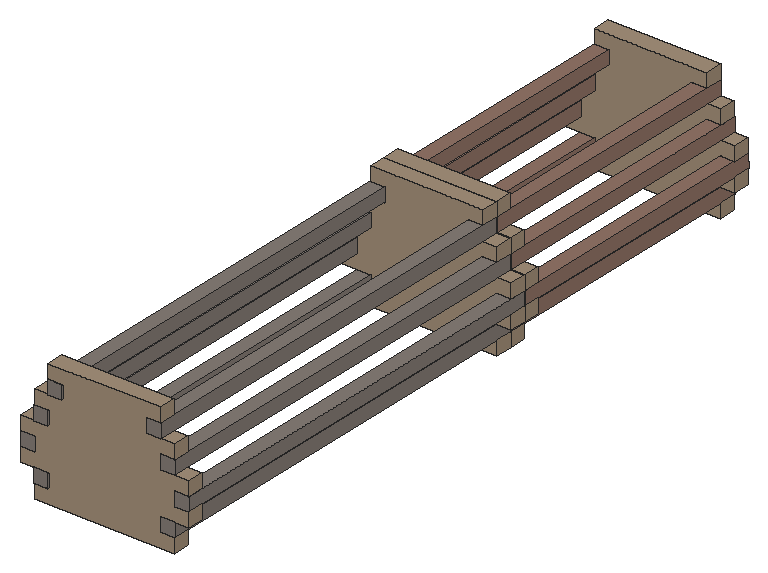
Revit family "MAB - Panchina", category Generic Models, host Face, Revit 2015
Parameters
  spessore sezione = 60 mm
  mezza larghezza seduta = larghezza seduta / 2  # 200 mm
  lunghezza seduta 1 [instance] = 1000 mm
  listelli seduta 2 = Wood Shake
  listelli seduta 1 = Walnut
  larghezza listello = 50 mm
  altezza listello = 50 mm
  larghezza seduta = 400 mm
  distanza sedute = 0 mm
  Sezione = Wood Flooring
  Materiale Sezione [instance] = Wood Flooring
  Lunghezza seduta 2 [instance] = 1500 mm
  Default Elevation = 1219.2 mm
Reference planes
  plane 1 "Center (Front/Back)": y = 0
  plane 2: z = 0
  plane 3 "Center (Left/Right)": x = 0
  plane 4: y = 0
  plane 5: y = 1000
  plane 6: y = -1500
Dimensions and locks
  "lunghezza seduta 1": plane 5 to plane 4
  "distanza sedute": plane 4 to plane 1 "Center (Front/Back)"
  "Lunghezza seduta 2": plane 6 to plane 1 "Center (Front/Back)"
  aligned and locked: plane 2 to host face
  aligned and locked: level to host face
  aligned and locked: nested 4 to plane 5
  aligned and locked: plane 1 "Center (Front/Back)" to nested 2
  aligned and locked: plane 3 "Center (Left/Right)" to nested 1
  aligned and locked: plane 3 "Center (Left/Right)" to nested 2
  aligned and locked: plane 3 "Center (Left/Right)" to nested 3
  aligned and locked: plane 3 "Center (Left/Right)" to nested 4
  aligned and locked: nested 1 to plane 6
  aligned and locked: nested 5 to plane 6
  aligned and locked: nested 6 to plane 6
  aligned and locked: nested 7 to plane 6
  aligned and locked: nested 8 to plane 6
  aligned and locked: nested 10 to plane 6
  aligned and locked: nested 9 to plane 6
  aligned and locked: nested 11 to plane 6
  aligned and locked: nested 5 to nested 1
  aligned and locked: nested 6 to nested 1
  aligned and locked: nested 7 to nested 1
  aligned and locked: nested 8 to nested 1
  aligned and locked: nested 9 to nested 1
  aligned and locked: nested 10 to nested 1
  aligned and locked: nested 11 to nested 1
  aligned and locked: nested 12 to plane 6
  aligned and locked: nested 12 to nested 1
  aligned and locked: nested 3 to plane 4
  aligned and locked: nested 14 to plane 4
  aligned and locked: nested 15 to plane 4
  aligned and locked: nested 16 to plane 4
  aligned and locked: nested 17 to plane 4
  aligned and locked: nested 18 to plane 4
  aligned and locked: nested 19 to plane 4
  aligned and locked: nested 13 to plane 4
  aligned and locked: nested 20 to plane 4
  aligned and locked: nested 20 to nested 3
  aligned and locked: nested 19 to nested 4
  aligned and locked: nested 18 to nested 3
  aligned and locked: nested 17 to nested 3
  aligned and locked: nested 16 to nested 3
  aligned and locked: nested 15 to nested 3
  aligned and locked: nested 14 to nested 3
  aligned and locked: nested 13 to nested 3
Automatic sketch dimensions
  host sketch curve to host sketch curve = 2438.4 mm  (x2)
Nested families
  nested 1: "MAB - Sezione Dima" at (0, -1440, 0), Materiale Sezione <- "Materiale Sezione", type "MAB - Sezione Dima"
  nested 2: "MAB - Sezione Dima" at (0, 0, 0), Materiale Sezione <- "Materiale Sezione", type "MAB - Sezione Dima"
  nested 3: "MAB - Sezione Dima" at (0, 60, 0), Materiale Sezione <- "Materiale Sezione", type "MAB - Sezione Dima"
  nested 4: "MAB - Sezione Dima" at (0, 1000, 0), Materiale Sezione <- "Materiale Sezione", type "MAB - Sezione Dima"
  nested 5: "MAB - Listello" at (200, -1500, 50), lunghezza listello <- "Lunghezza seduta 2", type "MAB - Listello 2"
    with lunghezza listello 1500 mm
  nested 6: "MAB - Listello" at (250, -1500, 150), lunghezza listello <- "Lunghezza seduta 2", type "MAB - Listello 2"
    with lunghezza listello 1500 mm
  nested 7: "MAB - Listello" at (200, -1500, 250), lunghezza listello <- "Lunghezza seduta 2", type "MAB - Listello 2"
    with lunghezza listello 1500 mm
  nested 8: "MAB - Listello" at (150, -1500, 350), lunghezza listello <- "Lunghezza seduta 2", type "MAB - Listello 2"
    with lunghezza listello 1500 mm
  nested 9: "MAB - Listello" at (-200, -1500, 350), lunghezza listello <- "Lunghezza seduta 2", type "MAB - Listello 2"
    with lunghezza listello 1500 mm
  nested 10: "MAB - Listello" at (-250, -1500, 250), lunghezza listello <- "Lunghezza seduta 2", type "MAB - Listello 2"
    with lunghezza listello 1500 mm
  nested 11: "MAB - Listello" at (-300, -1500, 150), lunghezza listello <- "Lunghezza seduta 2", type "MAB - Listello 2"
    with lunghezza listello 1500 mm
  nested 12: "MAB - Listello" at (-250, -1500, 50), lunghezza listello <- "Lunghezza seduta 2", type "MAB - Listello 2"
    with lunghezza listello 1500 mm
  nested 13: "MAB - Listello" at (200, 0, 50), lunghezza listello <- "lunghezza seduta 1", type "MAB - Listello 1"
    with lunghezza listello 1000 mm
  nested 14: "MAB - Listello" at (250, 0, 150), lunghezza listello <- "lunghezza seduta 1", type "MAB - Listello 1"
    with lunghezza listello 1000 mm
  nested 15: "MAB - Listello" at (200, 0, 250), lunghezza listello <- "lunghezza seduta 1", type "MAB - Listello 1"
    with lunghezza listello 1000 mm
  nested 16: "MAB - Listello" at (150, 0, 350), lunghezza listello <- "lunghezza seduta 1", type "MAB - Listello 1"
    with lunghezza listello 1000 mm
  nested 17: "MAB - Listello" at (-200, 0, 350), lunghezza listello <- "lunghezza seduta 1", type "MAB - Listello 1"
    with lunghezza listello 1000 mm
  nested 18: "MAB - Listello" at (-250, 0, 250), lunghezza listello <- "lunghezza seduta 1", type "MAB - Listello 1"
    with lunghezza listello 1000 mm
  nested 19: "MAB - Listello" at (-300, 0, 150), lunghezza listello <- "lunghezza seduta 1", type "MAB - Listello 1"
    with lunghezza listello 1000 mm
  nested 20: "MAB - Listello" at (-250, 0, 50), lunghezza listello <- "lunghezza seduta 1", type "MAB - Listello 1"
    with lunghezza listello 1000 mm
Definition of nested family "MAB - Sezione Dima"
  Parameters (values of type "MAB - Sezione Dima")
    spessore = 60 mm
    larghezza seduta = 200 mm
    larghezza doga = 50 mm
    interasse doghe = 50 mm
    altezza doga = 50 mm
    Materiale Sezione [instance] = none
    Default Elevation = 1219.2 mm
  Reference planes
    plane 1 "Center (Front/Back)": y = 0
    plane 2: z = 0
    plane 3 "Center (Left/Right)": x = 0
    plane 4: z = 50
    plane 5: z = 100
    plane 6: z = 150
    plane 7: z = 300
    plane 8: z = 350
    plane 9: z = 200
    plane 10: z = 250
    plane 11: x = 200
    plane 12: x = 250
    plane 13: x = 300
    plane 14: z = 400
    plane 15: z = 450
    plane 16: x = 150
    plane 17: z = 50
    plane 18: z = 100
    plane 19: z = 150
    plane 20: z = 300
    plane 21: z = 350
    plane 22: z = 200
    plane 23: z = 250
    plane 24: x = -200
    plane 25: x = -250
    plane 26: x = -300
    plane 27: z = 400
    plane 28: z = 450
    plane 29: x = -150
  Forms (mm)
    Extrusion 1, solid
      sketch origin (0, 0, 0) x (1, 0, 0) y (0, 1, 0)
        loop
          line (-1219.2, 1219.2) -> (-1219.2, -1219.2) -> (1219.2, -1219.2) -> (1219.2, 1219.2) -> (-1219.2, 1219.2)
      from 0 to -304.8
    Extrusion 2, solid, material <- "Materiale Sezione"
      sketch origin (0, 0, 0) x (1, 0, 0) y (0, 0, 1)
        loop
          line (0, 0) -> (250, 0) -> (250, 50) -> (200, 50) -> (200, 100) -> (300, 100) -> (300, 150) -> (250, 150) -> (250, 200) -> (300, 200) -> (300, 250) -> (200, 250) -> (200, 300) -> (250, 300) -> (250, 350) -> (150, 350) -> (150, 400) -> (200, 400) -> (200, 450) -> (0, 450) -> (0, 0)
      from 0 to 60 <- "spessore"
    Extrusion 3, solid, material <- "Materiale Sezione"
      sketch origin (0, 0, 0) x (-1, 0, 0) y (0, 0, -1)
        loop
          line (0, 0) -> (0, -450) -> (200, -450) -> (200, -400) -> (150, -400) -> (150, -350) -> (250, -350) -> (250, -300) -> (200, -300) -> (200, -250) -> (300, -250) -> (300, -200) -> (250, -200) -> (250, -150) -> (300, -150) -> (300, -100) -> (200, -100) -> (200, -50) -> (250, -50) -> (250, 0) -> (0, 0)
      from 0 to 60 <- "spessore"
  Cuts and joins
    joined: Extrusion 2, Extrusion 3
  Dimensions and locks
    "larghezza seduta": plane 11 to plane 3 "Center (Left/Right)"
    "larghezza doga": plane 11 to plane 12
    "larghezza doga": plane 13 to plane 12
    "altezza doga": plane 8 to plane 7
    "altezza doga": plane 7 to plane 10
    "altezza doga": plane 10 to plane 9
    "altezza doga": plane 9 to plane 6
    "altezza doga": plane 6 to plane 5
    "altezza doga": plane 5 to plane 4
    "altezza doga": plane 4 to Extrusion 1
    "altezza doga": plane 14 to plane 8
    "altezza doga": plane 15 to plane 14
    "larghezza doga": plane 16 to plane 11
    "larghezza doga": plane 24 to plane 25
    "larghezza doga": plane 26 to plane 25
    "altezza doga": plane 21 to plane 20
    "altezza doga": plane 20 to plane 23
    "altezza doga": plane 23 to plane 22
    "altezza doga": plane 22 to plane 19
    "altezza doga": plane 19 to plane 18
    "altezza doga": plane 18 to plane 17
    "altezza doga": plane 27 to plane 21
    "altezza doga": plane 28 to plane 27
    "larghezza doga": plane 29 to plane 24
    aligned and locked: plane 2 to Extrusion 1
    aligned and locked: level to Extrusion 1
    aligned and locked: plane 11 to Extrusion 2 sketch curve  (x2)
    aligned and locked: Extrusion 2 sketch curve to plane 12  (x3)
    aligned and locked: Extrusion 2 sketch curve to plane 13  (x2)
    aligned and locked: plane 8 to Extrusion 2 sketch curve
    aligned and locked: plane 7 to Extrusion 2 sketch curve
    aligned and locked: Extrusion 2 sketch curve to plane 10
    aligned and locked: plane 9 to Extrusion 2 sketch curve
    aligned and locked: Extrusion 2 sketch curve to plane 6
    aligned and locked: plane 5 to Extrusion 2 sketch curve
    aligned and locked: Extrusion 2 sketch curve to plane 4
    aligned and locked: Extrusion 2 sketch curve to Extrusion 1
    aligned and locked: Extrusion 2 sketch curve to plane 14
    aligned and locked: plane 15 to Extrusion 2 sketch curve
    aligned and locked: plane 16 to Extrusion 2 sketch curve
    aligned and locked: Extrusion 2 sketch curve to plane 11
    aligned and locked: Extrusion 3 sketch curve to plane 24  (x2)
    aligned and locked: plane 25 to Extrusion 3 sketch curve  (x3)
    aligned and locked: plane 26 to Extrusion 3 sketch curve  (x2)
    aligned and locked: Extrusion 3 sketch curve to plane 21
    aligned and locked: Extrusion 3 sketch curve to plane 20
    aligned and locked: plane 23 to Extrusion 3 sketch curve
    aligned and locked: Extrusion 3 sketch curve to plane 22
    aligned and locked: plane 19 to Extrusion 3 sketch curve
    aligned and locked: Extrusion 3 sketch curve to plane 18
    aligned and locked: plane 17 to Extrusion 3 sketch curve
    aligned and locked: plane 27 to Extrusion 3 sketch curve
    aligned and locked: Extrusion 3 sketch curve to plane 28
    aligned and locked: Extrusion 3 sketch curve to plane 29
    aligned and locked: plane 24 to Extrusion 3 sketch curve
  Automatic sketch dimensions
    Extrusion 1 sketch curve to Extrusion 1 sketch curve = 2438.4 mm  (x2)
    Extrusion 2 sketch curve to plane 3 "Center (Left/Right)" = 0 mm
    Extrusion 3 sketch curve to level = 0 mm
    Extrusion 3 sketch curve to plane 3 "Center (Left/Right)" = 0 mm
Definition of nested family "MAB - Listello"
  Parameters (values of type "MAB - Listello")
    lunghezza listello [instance] = 400 mm
    lunghezza = 400 mm
    larghezza = 50 mm
    altezza = 50 mm
    Materiale listello = none
    Default Elevation = 1219.2 mm
  Types (3, lengths in mm): name | lunghezza
    MAB - Listello | 400
    MAB - Listello 2 | 1500
    MAB - Listello 1 | 1000
  Reference planes
    plane 1 "Center (Front/Back)": y = 0
    plane 2: z = 0
    plane 3 "Center (Left/Right)": x = 0
    plane 4: y = 400
    plane 5: x = 50
  Forms (mm)
    Extrusion 1, solid
      sketch origin (0, 0, 0) x (1, 0, 0) y (0, 1, 0)
        loop
          line (-1219.2, 1219.2) -> (-1219.2, -1219.2) -> (1219.2, -1219.2) -> (1219.2, 1219.2) -> (-1219.2, 1219.2)
      from 0 to -304.8
    Extrusion 2, solid, material <- "Materiale listello"
      sketch origin (0, 0, 0) x (1, 0, 0) y (0, 1, 0)
        loop
          line (0, 400) -> (0, 0) -> (50, 0) -> (50, 400) -> (0, 400)
      from 0 to 50 <- "altezza"
  Dimensions and locks
    "lunghezza listello": plane 4 to plane 1 "Center (Front/Back)"
    "larghezza": plane 3 "Center (Left/Right)" to plane 5
    aligned and locked: plane 2 to Extrusion 1
    aligned and locked: level to Extrusion 1
    aligned and locked: Extrusion 2 sketch curve to plane 1 "Center (Front/Back)"
    aligned and locked: plane 3 "Center (Left/Right)" to Extrusion 2 sketch curve
    aligned and locked: Extrusion 2 sketch curve to plane 5
    aligned and locked: Extrusion 2 sketch curve to plane 4
  Automatic sketch dimensions
    Extrusion 1 sketch curve to Extrusion 1 sketch curve = 2438.4 mm  (x2)
